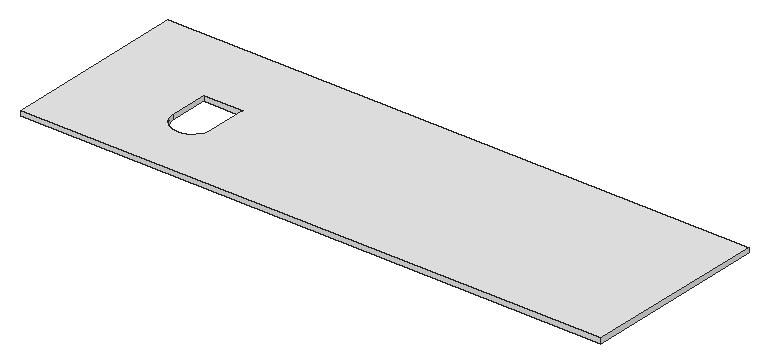
Revit family "Countertop-150cm-WithoutFaucetHole-Left-Vitra-OriginSeries-65740+65741+65742", category Furniture Systems, host Face, Revit 2017
Family settings
  Host = Face
  Round Connector Dimension = Use Diameter
  Part Type = Normal
  OmniClass Number = 23.40.00.00
  OmniClass Title = Equipment and Furnishings
  Cut with Voids When Loaded = No
  Shared = Yes
  Room Calculation Point = No
Parameters (values of type "Countertop-150cm-WithLeftSyphonHole-Vitra-OriginSeries-65740")
  Youtube = "https://www.youtube.com/user/VitrAglobal"
  Weight Net (kg) = ""
  Warranty Period (Year) = "2"
  Uniformat II Description = "INTERIOR FINISHES"
  Uniformat II Code = "C30"
  Uniclass 2015 Name = "Counter tops"
  Uniclass 2015 Code = "Pr_40_30_30_18"
  Uniclass 2.0 Description = "Counter Tops"
  Uniclass 2.0 Code = "PR-35-12-18"
  Uniclass 1.4 Description = "Counters"
  Uniclass 1.4 Code = "L8571"
  URL = "https://vitraglobal.com/"
  UNSPSC Description = ""
  UNSPSC Code = ""
  Technical description = "https://www.vitraglobal.com/pdf/65740/"
  Tap hole Options (default) = ""
  Specification = ""
  Region South America = "All"
  Region Oceania = "All"
  Region North America = "All"
  Region Middle East = "All"
  Region Europe = "All"
  Region Asia = "All"
  Region Antarctica = "All"
  Region Africa = "All"
  Product url = "https://www.vitraglobal.com/bathroom-furniture/counters/standard-workbenches/origin-top-counter-sku-65740/"
  Product manual = ""
  Product group = "Counters - Standard Workbenches - Top Counter"
  Product family = "Origin"
  Product data url = ""
  Product certification = "https://www.vitraglobal.com/brochures/"
  Product SKU = "65740"
  Product Guid = "https://www.vitraglobal.com/uyeIslem/fileDownload.aspx?udkEnc=brVsKoYWNgqwTl51ssvNbfzsLXekHjbCeZxQ5Ysm5+6KnhZeScC20fYZWaRbaFpJnWztzlmlZVxi43umrDonJw==&lang=en-US"
  Primary Material = White Glass
  OmniClass Description = "Casework Component Work Surfaces"
  OmniClass Code = "23-21 19 17"
  Nominal Width (mm) = 1505 mm
  Nominal Height (mm) = 12 mm
  Nominal Depth (mm) = 480 mm
  NBS Referans Description = "Counter Tops"
  NBS Referans Code = "35-12-18"
  Mounting type = "Top Counter"
  Model = "65740"
  Masterformat 2014 Description = "Countertops"
  Masterformat 2014 Code = "12 36 00"
  Manufacturer name = "VitrA"
  Manufacturer = "VitrA"
  Main Material = "Glass"
  Installation instructions = "https://www.vitraglobal.com/uyeIslem/fileDownload.aspx?udkEnc=mFOdwAYWiuTT0ghpyyINZhPNw4zVtjoB3Giic3VyX2ribipOOshckiDyBL9WaYbr22CGH7boQCK+IwH4DwTxrA==&lang=en-US"
  IFC Classification = "Furnishing Element"
  EAN code = ""
  Design country = "Turkey"
  Description = "Origin Top counter - with left syphon hole - without faucet hole - 150cm - White"
  Default Elevation = 850 mm
  Color = "White"
  COBIe Type Category = ""
  Brand = "VitrA"
  BIMobject category = "Countertops"
  Article No. (default) = "65740"
  Accessories (default) = ""
Types (3, lengths in mm): name | Technical description | Product url | Product group | Product SKU | Product Guid | Primary Material | Model | Installation instructions | Description | Color | Article No. (default)
  Countertop-150cm-WithLeftSyphonHole-Vitra-OriginSeries-65740 | "https://www.vitraglobal.com/pdf/65740/" | "https://www.vitraglobal.com/bathroom-furniture/counters/standard-workbenches/origin-top-counter-sku-65740/" | "Counters - Standard Workbenches - Top Counter" | "65740" | "https://www.vitraglobal.com/uyeIslem/fileDownload.aspx?udkEnc=brVsKoYWNgqwTl51ssvNbfzsLXekHjbCeZxQ5Ysm5+6KnhZeScC20fYZWaRbaFpJnWztzlmlZVxi43umrDonJw==&lang=en-US" | White Glass | "65740" | "https://www.vitraglobal.com/uyeIslem/fileDownload.aspx?udkEnc=mFOdwAYWiuTT0ghpyyINZhPNw4zVtjoB3Giic3VyX2ribipOOshckiDyBL9WaYbr22CGH7boQCK+IwH4DwTxrA==&lang=en-US" | "Origin Top counter - with left syphon hole - without faucet hole - 150cm - White" | "White" | "65740"
  Countertop-150cm-WithLeftSyphonHole-Vitra-OriginSeries-65741 | "https://www.vitraglobal.com/pdf/65741/" | "https://www.vitraglobal.com/bathroom-furniture/counters/standard-workbenches/origin-top-counter-sku-65741/" | "Counters - Standard Workbenches - Top Counter\r\n>" | "65741" | "https://www.vitraglobal.com/uyeIslem/fileDownload.aspx?udkEnc=PcLNI+0SNMvEsFG4qkPP+iT+Qy7qzqJ/aLkoXEqlTUHMdj5ZXxRzDAfmluBVaqyI9QrZA8hdBV3NY0dW2NO8+g==&lang=en-US" | Black Glass | "65741" | "https://www.vitraglobal.com/uyeIslem/fileDownload.aspx?udkEnc=5OxfSNi9rAQsp7GLT2RE6knMVT0IoEF0F/cbMdpyeVQ32WqcviwYgSD3ZENLyJdvQD39a2CiV7m510cKzIyxVg==&lang=en-US" | "Origin Top counter - with left syphon hole - without faucet hole 150cm - Black" | "Black" | "65741"
  Countertop-150cm-WithLeftSyphonHole-Vitra-OriginSeries-65742 | "https://www.vitraglobal.com/pdf/65742/" | "https://www.vitraglobal.com/bathroom-furniture/counters/standard-workbenches/origin-top-counter-sku-65742/" | "Counters - Standard Workbenches - Top Counter\r\n>" | "65742" | "https://www.vitraglobal.com/uyeIslem/fileDownload.aspx?udkEnc=Z7hNEK9pjwPSYS98drjznJ4lmEFt3/XJd8diNIYaKniwPCQ/z5MzsgqLtv9d3rU2uKsT1D4IhHxq0o0fkLI0aw==&lang=en-US" | Neolith | "65742" | "https://www.vitraglobal.com/uyeIslem/fileDownload.aspx?udkEnc=ZkuRI1dApRXAGC2jDlvZhXSsrry4UT/EsiCU9U6vf6t+sOlHPf3tvYXDFf2A9IxSPBA0TBO6ipU+Fu2jhGHFig==&lang=en-US" | "Origin Top counter - with left syphon hole - without faucet hole - 150cm - Neolith" | "Neolith" | "65742"
Reference planes
  plane 1 "Center (Front/Back)": y = 0
  plane 2: z = 0
  plane 3 "Center (Left/Right)": x = -8.77
  plane 4: y = 240
  plane 5: y = -240
  plane 6: z = -838
  plane 7: z = 12
  plane 8: x = -761.27
  plane 9: x = 743.73
Forms (mm)
  Extrusion 1, solid, detail levels coarse
    sketch origin (0, 0, 0) x (1, 0, 0) y (0, 1, 0)
      loop
        line (743.73, 240) -> (-761.27, 240) -> (-761.27, -240) -> (743.73, -240) -> (743.73, 240)
    from 0 to 12
  Extrusion 2, solid, material "White Glass" <- "Primary Material", detail levels medium+fine
    sketch origin (0, 0, 0) x (1, 0, 0) y (0, 1, 0)
      loop
        line (743.73, 240) -> (-761.27, 240) -> (-761.27, -240) -> (743.73, -240) -> (743.73, 240)
      loop
        line (-508.77, 40) -> (-508.77, -60)
        arc (-508.77, -60) -> (-458.77, -110) -> (-408.77, -60) r 50
        line (-408.77, -60) -> (-408.77, 40) -> (-508.77, 40)
    from 0 to 12
Dimensions and locks
  "Nominal Depth (mm)": plane 4 to plane 5
  plane 7 to plane 6 = 850 mm
  "Nominal Height (mm)": plane 7 to host face
  "Nominal Width (mm)": plane 8 to plane 9
  aligned and locked: plane 2 to host face
  aligned and locked: level to host face
Automatic sketch dimensions
  host sketch curve to host sketch curve = 2438.4 mm  (x2)
  Extrusion 1 sketch curve to plane 5 = 0 mm
  Extrusion 1 sketch curve to plane 4 = 0 mm
  Extrusion 1 sketch curve to plane 3 "Center (Left/Right)" = 752.5 mm
  plane 3 "Center (Left/Right)" to Extrusion 1 sketch curve = 752.5 mm
  Extrusion 2 sketch curve to plane 4 = 0 mm
  Extrusion 2 sketch curve to plane 5 = 0 mm
  Extrusion 2 sketch curve to Extrusion 2 sketch curve = 50 mm
  plane 1 "Center (Front/Back)" to Extrusion 2 sketch curve = 60 mm
  Extrusion 2 sketch curve to plane 1 "Center (Front/Back)" = 40 mm
  plane 3 "Center (Left/Right)" to Extrusion 2 sketch curve = 752.5 mm
  Extrusion 2 sketch curve to plane 3 "Center (Left/Right)" = 400 mm
  Extrusion 2 sketch curve to Extrusion 2 sketch curve = 252.5 mm
